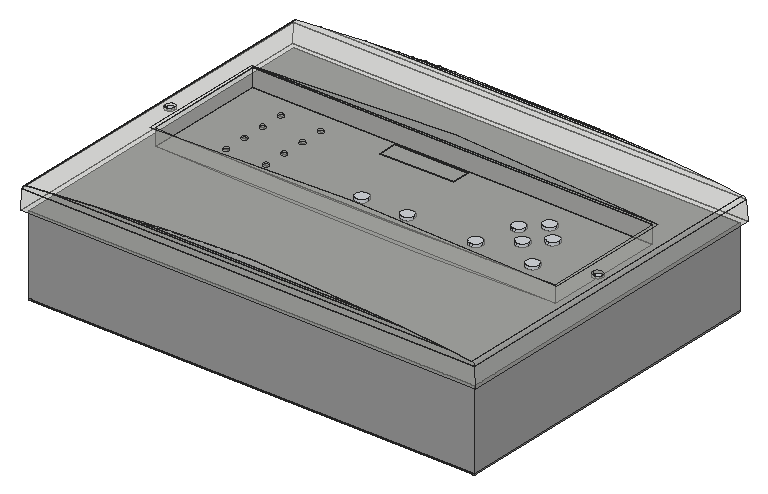
Revit family "Maxlogic Konvansiyonel Gaz Alarm Santralı", category Fire Alarm Devices, host Face, Revit 2021
Family settings
  Host = Face
  Maintain Annotation Orientation = Yes
  Round Connector Dimension = Use Diameter
  Part Type = Normal
  OmniClass Number = 23.85.30.21
  OmniClass Title = Environmental Detection/Registration
  Cut with Voids When Loaded = No
  Shared = No
  Room Calculation Point = No
Parameters (values of type "Maxlogic Konvansiyonel Gaz Alarm Santralı, 8 Bölge, 16 Röle Çıkışı")
  Weight = "5500 gr"
  Weatherproof surface mounting back box = ""
  Warranty Duration Unit = "Year"
  Warranty Duration Parts = "2"
  Warranty Duration Labor = "2"
  Version = ""
  URL = "https://www.mavili.com.tr/"
  Recessed mounting base = ""
  Public Works Pose Number = ""
  Protection Sign = ""
  Product Code = "ML-4218"
  Phone Number = "(+)90 216 466 45 05"
  Operatonal Voltage (default) = ""
  Operating voltage range = ""
  Operating temperature = "(-10°C) - (+55°C)"
  Nominal Depth = "100 mm"
  Nominal Width = "400 mm"
  Nominal Height = "300 mm"
  Mounting surface = "Duvara montaj"
  Mounting height = ""
  Model = "Maxlogic"
  Manufacturer = "Mavili Elektronik Ticaret A.Ş."
  Installation Manual = "https://mavilielektronik.com/Revit/ML4218_kk.pdf"
  Indicator output = ""
  Fax Number = "(+)90 216 466 45 10"
  External supply = "220 V AC"
  Email = "mavili@mavili.com.tr"
  Disclaimer = ""
  Device Adress Setup = ""
  Description = "Konvansiyonel Gaz Alarm Santralı, 8 Bölge, 16 Röle Çıkışı"
  Default Elevation = 0 mm
  Current consumption = ""
  Cost unıt = ""
  Cost = 0
  Compatible sockets = ""
  Color = "Beyaz"
  Code Performance = "EN 54-2, EN 54-4"
  Main Material = "Metal Grey"
  Secondary Material = "White Plastic ABS"
  Battery = "2 X (12V DC 7 Ah )"
  Assembly Code = ""
  Address line 1 = "Şerifali Mahallesi Kutup Sokak No:27/1-2-4 Ümraniye TR-34775 İSTANBUL"
Reference planes
  plane 1 "Center (Front/Back)": y = 0
  plane 2: z = 0
  plane 3 "Center (Left/Right)": x = 0
Forms (mm)
  Extrusion 1, solid, material "mavili arka kasa"
    sketch origin (-210, -150, 148.173) x (1, 0, 0) y (0, 0, -1)
      loop
        line (42.905, 77.3) -> (434.905, 77.3) -> (434.905, 146.904)
        arc (434.905, 146.904) -> (434.545, 147.715) -> (433.785, 148.173) r 1.476
        line (433.785, 148.173) -> (44.505, 148.173)
        arc (44.505, 148.173) -> (43.374, 147.704) -> (42.905, 146.573) r 1.6
        line (42.905, 146.573) -> (42.905, 77.3)
    from 0 to 300
  Extrusion 2, solid, material "Mavili beyaz"
    sketch origin (-210, -150, 148.173) x (1, 0, 0) y (0, 0, -1)
      loop
        line (38.905, 77.3) -> (39.824, 59.769)
        arc (39.824, 59.769) -> (40.651, 57.854) -> (42.526, 56.941) r 3
        arc (42.526, 56.941) -> (238.905, 47.3) -> (435.284, 56.941) r 2005
        arc (435.284, 56.941) -> (437.16, 57.854) -> (437.987, 59.769) r 3
        line (437.987, 59.769) -> (438.905, 77.3) -> (38.905, 77.3)
    from 0 to 300
  Extrusion 3, void
    sketch origin (-167.095, -150, 70.872) x (0, 0, 1) y (0, -1, 0)
      loop
        arc (-69.27, -296) -> (-70.403, -295.532) -> (-70.872, -294.4) r 1.6
        line (-70.872, -294.4) -> (-70.872, -300) -> (0, -300) -> (0, -296) -> (-69.27, -296)
    from 0 to 392
  Extrusion 4, void
    sketch origin (-167.095, 150, 70.872) x (0, 0, 1) y (0, -1, 0)
      loop
        line (-69.27, 296) -> (0, 296) -> (0, 300) -> (-70.872, 300) -> (-70.872, 294.4)
        arc (-70.872, 294.4) -> (-70.403, 295.532) -> (-69.27, 296) r 1.6
    from 0 to 392
  Extrusion 5, void
    sketch origin (-210, -150, 148.173) x (0, 0, -1) y (0, 1, 0)
      loop
        line (55.289, 116.326) -> (55.289, 228.158) -> (47.3, 228.297) -> (47.3, 111.721) -> (55.289, 116.326)
    from 0 to 497.127
  Extrusion 6, void
    sketch origin (-210, -150, 148.173) x (0, 0, -1) y (0, 1, 0)
      loop
        arc (47.3, 295.581) -> (48.124, 297.646) -> (50.143, 298.577) r 3
        line (50.143, 298.577) -> (51.913, 298.669) -> (55.057, 298.834) -> (59.769, 299.081) -> (77.3, 300) -> (50, 300) -> (47.3, 300) -> (47.3, 295.581)
    from 0 to 493.151
  Extrusion 7, void
    sketch origin (-210, 150, 148.173) x (0, 0, -1) y (0, 1, 0)
      loop
        line (47.3, -295.581) -> (47.3, -300) -> (50, -300) -> (77.3, -300) -> (59.769, -299.081) -> (55.057, -298.834) -> (51.913, -298.669) -> (50.143, -298.577)
        arc (50.143, -298.577) -> (48.124, -297.646) -> (47.3, -295.581) r 3
    from 0 to 493.151
  Extrusion 8, void
    sketch origin (-167.095, 146, 25.472) x (0, 0, -1) y (1, 0, 0)
      loop
        line (-13.523, 66.9) -> (-13.523, 68.054)
        arc (-13.523, 68.054) -> (-15, 68.144) -> (-16.477, 68.054) r 12.144
        line (-16.477, 68.054) -> (-16.477, 66.9)
        arc (-16.477, 66.9) -> (-26, 56.025) -> (-16.527, 45.106) r 11
        line (-16.527, 45.106) -> (-16.527, 43.952)
        arc (-16.527, 43.952) -> (-15, 43.856) -> (-13.473, 43.952) r 12.144
        line (-13.473, 43.952) -> (-13.473, 45.106)
        arc (-13.473, 45.106) -> (-4, 56.025) -> (-13.523, 66.9) r 11
    from 0 to 1
  Extrusion 9, void
    sketch origin (-127.095, 146, 25.472) x (0, 0, -1) y (1, 0, 0)
      loop
        line (-13.523, 66.9) -> (-13.523, 68.054)
        arc (-13.523, 68.054) -> (-15, 68.144) -> (-16.477, 68.054) r 12.144
        line (-16.477, 68.054) -> (-16.477, 66.9)
        arc (-16.477, 66.9) -> (-26, 56.025) -> (-16.527, 45.106) r 11
        line (-16.527, 45.106) -> (-16.527, 43.952)
        arc (-16.527, 43.952) -> (-15, 43.856) -> (-13.473, 43.952) r 12.144
        line (-13.473, 43.952) -> (-13.473, 45.106)
        arc (-13.473, 45.106) -> (-4, 56.025) -> (-13.523, 66.9) r 11
    from 0 to 1
  Extrusion 10, void
    sketch origin (-87.095, 146, 25.472) x (0, 0, -1) y (1, 0, 0)
      loop
        line (-13.523, 66.9) -> (-13.523, 68.054)
        arc (-13.523, 68.054) -> (-15, 68.144) -> (-16.477, 68.054) r 12.144
        line (-16.477, 68.054) -> (-16.477, 66.9)
        arc (-16.477, 66.9) -> (-26, 56.025) -> (-16.527, 45.106) r 11
        line (-16.527, 45.106) -> (-16.527, 43.952)
        arc (-16.527, 43.952) -> (-15, 43.856) -> (-13.473, 43.952) r 12.144
        line (-13.473, 43.952) -> (-13.473, 45.106)
        arc (-13.473, 45.106) -> (-4, 56.025) -> (-13.523, 66.9) r 11
    from 0 to 1
  Extrusion 11, void
    sketch origin (-47.095, 146, 25.472) x (0, 0, -1) y (1, 0, 0)
      loop
        line (-13.523, 66.9) -> (-13.523, 68.054)
        arc (-13.523, 68.054) -> (-15, 68.144) -> (-16.477, 68.054) r 12.144
        line (-16.477, 68.054) -> (-16.477, 66.9)
        arc (-16.477, 66.9) -> (-26, 56.025) -> (-16.527, 45.106) r 11
        line (-16.527, 45.106) -> (-16.527, 43.952)
        arc (-16.527, 43.952) -> (-15, 43.856) -> (-13.473, 43.952) r 12.144
        line (-13.473, 43.952) -> (-13.473, 45.106)
        arc (-13.473, 45.106) -> (-4, 56.025) -> (-13.523, 66.9) r 11
    from 0 to 1
  Extrusion 12, void
    sketch origin (-7.095, 146, 25.472) x (0, 0, -1) y (1, 0, 0)
      loop
        line (-13.523, 66.9) -> (-13.523, 68.054)
        arc (-13.523, 68.054) -> (-15, 68.144) -> (-16.477, 68.054) r 12.144
        line (-16.477, 68.054) -> (-16.477, 66.9)
        arc (-16.477, 66.9) -> (-26, 56.025) -> (-16.527, 45.106) r 11
        line (-16.527, 45.106) -> (-16.527, 43.952)
        arc (-16.527, 43.952) -> (-15, 43.856) -> (-13.473, 43.952) r 12.144
        line (-13.473, 43.952) -> (-13.473, 45.106)
        arc (-13.473, 45.106) -> (-4, 56.025) -> (-13.523, 66.9) r 11
    from 0 to 1
  Extrusion 13, void
    sketch origin (32.905, 146, 25.472) x (0, 0, -1) y (1, 0, 0)
      loop
        line (-13.523, 66.9) -> (-13.523, 68.054)
        arc (-13.523, 68.054) -> (-15, 68.144) -> (-16.477, 68.054) r 12.144
        line (-16.477, 68.054) -> (-16.477, 66.9)
        arc (-16.477, 66.9) -> (-26, 56.025) -> (-16.527, 45.106) r 11
        line (-16.527, 45.106) -> (-16.527, 43.952)
        arc (-16.527, 43.952) -> (-15, 43.856) -> (-13.473, 43.952) r 12.144
        line (-13.473, 43.952) -> (-13.473, 45.106)
        arc (-13.473, 45.106) -> (-4, 56.025) -> (-13.523, 66.9) r 11
    from 0 to 1
  Extrusion 14, void
    sketch origin (72.905, 146, 25.472) x (0, 0, -1) y (1, 0, 0)
      loop
        line (-13.523, 66.9) -> (-13.523, 68.054)
        arc (-13.523, 68.054) -> (-15, 68.144) -> (-16.477, 68.054) r 12.144
        line (-16.477, 68.054) -> (-16.477, 66.9)
        arc (-16.477, 66.9) -> (-26, 56.025) -> (-16.527, 45.106) r 11
        line (-16.527, 45.106) -> (-16.527, 43.952)
        arc (-16.527, 43.952) -> (-15, 43.856) -> (-13.473, 43.952) r 12.144
        line (-13.473, 43.952) -> (-13.473, 45.106)
        arc (-13.473, 45.106) -> (-4, 56.025) -> (-13.523, 66.9) r 11
    from 0 to 1
  Extrusion 15, void
    sketch origin (112.905, 146, 25.472) x (0, 0, -1) y (1, 0, 0)
      loop
        line (-13.523, 66.9) -> (-13.523, 68.054)
        arc (-13.523, 68.054) -> (-15, 68.144) -> (-16.477, 68.054) r 12.144
        line (-16.477, 68.054) -> (-16.477, 66.9)
        arc (-16.477, 66.9) -> (-26, 56.025) -> (-16.527, 45.106) r 11
        line (-16.527, 45.106) -> (-16.527, 43.952)
        arc (-16.527, 43.952) -> (-15, 43.856) -> (-13.473, 43.952) r 12.144
        line (-13.473, 43.952) -> (-13.473, 45.106)
        arc (-13.473, 45.106) -> (-4, 56.025) -> (-13.523, 66.9) r 11
    from 0 to 1
  Extrusion 16, void
    sketch origin (-210, -33.417, 92.884) x (-1, 0, 0) y (0, 1, 0)
      loop
        line (-62.836, 2.214) -> (-62.836, 108.579)
        spline (-62.836, 108.579) -> (-92.123, 108.62) -> (-121.442, 108.654) -> (-150.785, 108.681) -> (-180.148, 108.699) -> (-209.524, 108.711) -> (-238.905, 108.714) -> (-268.287, 108.711) -> (-297.662, 108.699) -> (-327.025, 108.681) -> (-356.369, 108.654) -> (-385.687, 108.62) -> (-414.974, 108.579)
        line (-414.974, 108.579) -> (-414.974, 2.214)
        spline (-414.974, 2.214) -> (-385.687, 0.847) -> (-356.369, -0.273) -> (-327.025, -1.144) -> (-297.662, -1.766) -> (-268.287, -2.14) -> (-238.905, -2.264) -> (-209.524, -2.14) -> (-180.148, -1.766) -> (-150.785, -1.144) -> (-121.442, -0.273) -> (-92.123, 0.847) -> (-62.836, 2.214)
    from 0 to 15
  Revolve 17, solid, material "Glass"
    sketch origin (-200, 143.323, 77.884) x (-1, 0, 0) y (0, -1, 0)
      loop
        arc (-91.405, 87.917) -> (-93.905, 90.417) -> (-96.405, 87.917) r 2.5
        line (-96.405, 87.917) -> (-91.405, 87.917)
      axis (-91.405, 87.917) -> (-96.405, 87.917)
    angle from 0 to -180
  Extrusion 18, void
    sketch origin (-210, -33.417, 92.884) x (-1, 0, 0) y (0, 1, 0)
      loop
        circle (-50.905, 33.417) r 4.25
    from 0 to 3
  Extrusion 19, solid
    sketch origin (-210, -33.442, 89.884) x (0, 1, 0) y (-1, 0, 0)
      loop
        line (35.753, -50.862) -> (34.597, -48.861) -> (32.286, -48.861) -> (31.13, -50.862) -> (32.286, -52.864) -> (34.597, -52.864) -> (35.753, -50.862)
    from 0 to 1
  Extrusion 20, void
    sketch origin (267.811, -33.417, 92.884) x (-1, 0, 0) y (0, 1, 0)
      loop
        circle (50.905, 33.417) r 4.25
    from 0 to 3
  Extrusion 21, solid
    sketch origin (267.811, -33.442, 89.884) x (0, 1, 0) y (-1, 0, 0)
      loop
        line (35.753, 50.862) -> (34.597, 52.864) -> (32.286, 52.864) -> (31.13, 50.862) -> (32.286, 48.861) -> (34.597, 48.861) -> (35.753, 50.862)
    from 0 to 1
  Extrusion 22, solid
    sketch origin (40, -12.994, 77.884) x (0, 1, 0) y (-1, 0, 0)
      loop
        circle (63.417, -93.905) r 5.5
    from 0 to 2
  Revolve 23, solid, material "Glass"
    sketch origin (-200, 123.323, 77.884) x (-1, 0, 0) y (0, -1, 0)
      loop
        arc (-91.405, 87.917) -> (-93.905, 90.417) -> (-96.405, 87.917) r 2.5
        line (-96.405, 87.917) -> (-91.405, 87.917)
      axis (-91.405, 87.917) -> (-96.405, 87.917)
    angle from 0 to -180
  Revolve 24, solid, material "Glass"
    sketch origin (-200, 103.323, 77.884) x (-1, 0, 0) y (0, -1, 0)
      loop
        arc (-91.405, 87.917) -> (-93.905, 90.417) -> (-96.405, 87.917) r 2.5
        line (-96.405, 87.917) -> (-91.405, 87.917)
      axis (-91.405, 87.917) -> (-96.405, 87.917)
    angle from 0 to -180
  Revolve 25, solid, material "Glass"
    sketch origin (-200, 83.323, 77.884) x (-1, 0, 0) y (0, -1, 0)
      loop
        arc (-91.405, 87.917) -> (-93.905, 90.417) -> (-96.405, 87.917) r 2.5
        line (-96.405, 87.917) -> (-91.405, 87.917)
      axis (-91.405, 87.917) -> (-96.405, 87.917)
    angle from 0 to -180
  Extrusion 26, solid, material "Glass"
    sketch origin (-210, -33.417, 92.884) x (0, 1, 0) y (-1, 0, 0)
      loop
        line (85.539, -206.655) -> (69.139, -206.655) -> (69.139, -271.155) -> (85.539, -271.155) -> (85.539, -206.655)
    from 0 to 0.8
  Revolve 27, solid, material "Glass"
    sketch origin (-165, 143.323, 77.884) x (-1, 0, 0) y (0, -1, 0)
      loop
        arc (-91.405, 87.917) -> (-93.905, 90.417) -> (-96.405, 87.917) r 2.5
        line (-96.405, 87.917) -> (-91.405, 87.917)
      axis (-91.405, 87.917) -> (-96.405, 87.917)
    angle from 0 to -180
  Revolve 28, solid, material "Glass"
    sketch origin (-165, 123.323, 77.884) x (-1, 0, 0) y (0, -1, 0)
      loop
        arc (-91.405, 87.917) -> (-93.905, 90.417) -> (-96.405, 87.917) r 2.5
        line (-96.405, 87.917) -> (-91.405, 87.917)
      axis (-91.405, 87.917) -> (-96.405, 87.917)
    angle from 0 to -180
  Revolve 29, solid, material "Glass"
    sketch origin (-165, 103.323, 77.884) x (-1, 0, 0) y (0, -1, 0)
      loop
        arc (-91.405, 87.917) -> (-93.905, 90.417) -> (-96.405, 87.917) r 2.5
        line (-96.405, 87.917) -> (-91.405, 87.917)
      axis (-91.405, 87.917) -> (-96.405, 87.917)
    angle from 0 to -180
  Revolve 30, solid, material "Glass"
    sketch origin (-165, 83.323, 77.884) x (-1, 0, 0) y (0, -1, 0)
      loop
        arc (-91.405, 87.917) -> (-93.905, 90.417) -> (-96.405, 87.917) r 2.5
        line (-96.405, 87.917) -> (-91.405, 87.917)
      axis (-91.405, 87.917) -> (-96.405, 87.917)
    angle from 0 to -180
  Extrusion 31, solid
    sketch origin (25, -27.994, 77.884) x (0, 1, 0) y (-1, 0, 0)
      loop
        circle (63.417, -93.905) r 5.5
    from 0 to 2
  Extrusion 32, solid
    sketch origin (55, -27.994, 77.884) x (0, 1, 0) y (-1, 0, 0)
      loop
        circle (63.417, -93.905) r 5.5
    from 0 to 2
  Extrusion 33, solid
    sketch origin (40, -42.994, 77.884) x (0, 1, 0) y (-1, 0, 0)
      loop
        circle (63.417, -93.905) r 5.5
    from 0 to 2
  Extrusion 34, solid
    sketch origin (65, -62.994, 77.884) x (0, 1, 0) y (-1, 0, 0)
      loop
        circle (63.417, -93.905) r 5.5
    from 0 to 2
  Extrusion 35, solid
    sketch origin (15, -62.994, 77.884) x (0, 1, 0) y (-1, 0, 0)
      loop
        circle (63.417, -93.905) r 5.5
    from 0 to 2
  Extrusion 36, solid
    sketch origin (-45, -62.994, 77.884) x (0, 1, 0) y (-1, 0, 0)
      loop
        circle (63.417, -93.905) r 5.5
    from 0 to 2
  Extrusion 37, solid
    sketch origin (-85, -62.994, 77.884) x (0, 1, 0) y (-1, 0, 0)
      loop
        circle (63.417, -93.905) r 5.5
    from 0 to 2
Cuts and joins
  Extrusion 3, Extrusion 4, Extrusion 8, Extrusion 9, Extrusion 10, Extrusion 11, Extrusion 12, Extrusion 13, Extrusion 14, Extrusion 15 cuts Extrusion 1
  Extrusion 3, Extrusion 4, Extrusion 5, Extrusion 6, Extrusion 7, Extrusion 16, Extrusion 18, Extrusion 20 cuts Extrusion 2
  Extrusion 20 cuts Extrusion 19
Dimensions and locks
  aligned and locked: plane 2 to host face
  aligned and locked: level to host face
Connectors
  electrical at (29.145, 0, 0)
    settings: on cut or joined group of Extrusion 1, Extrusion 3, Extrusion 4, Extrusion 8, Extrusion 9, Extrusion 10, Extrusion 11, Extrusion 12, Extrusion 13, Extrusion 14, Extrusion 15, index 1, voltage 0 V, apparent load 0 VA, apparent load phase1 0 VA, apparent load phase2 0 VA, apparent load phase3 0 VA, power factor 1, load classification "Other", number of poles 1, system type 31, power factor state 1, is connector primary yes, connector utility no, sub classification motor no, connector description ""
